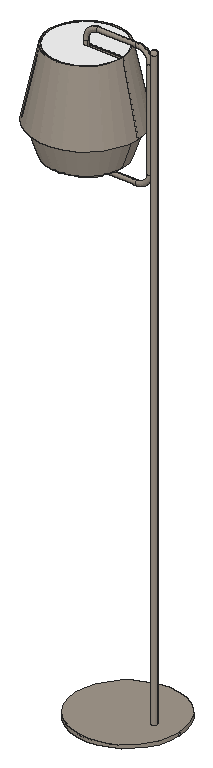
Revit family "Lighting_Floor-Mounted_Zero_Elements_Floor", category Lighting Fixtures, Revit 2020
Family settings
  Round Connector Dimension = Use Diameter
  Part Type = Normal
  OmniClass Number = 23.80.70.00
  OmniClass Title = Lighting
  Work Plane-Based = No
  Always vertical = Yes
  Cut with Voids When Loaded = No
  Light Source = Yes
  Shared = No
  Room Calculation Point = No
Parameters (values of type "E27/Max 42W Apricot")
  Youtube clip = ""
  Weight Net (Kg) = "4.6"
  Wattage = 4.77306 W
  WarrantyStartDate [instance] = "n/a"
  WarrantyGuarantorParts = "n/a"
  WarrantyGuarantorLabor = "n/a"
  WarrantyDurationUnit = "Year"
  WarrantyDurationParts = "n/a"
  WarrantyDurationLabor = "n/a"
  WarrantyDescription = "n/a"
  built-in parameter 1150110 = 1 (stored number, unit not read)
  VersionDate = "31/08/2023"  # constant formula
  Version = "3"  # constant formula
  UsageCurrent = 0 A
  Uniformat II Description = ""
  Uniformat II Code = ""
  Uniclass2015Reference = "Pr_70_70_48_32"
  Uniclass2015Description = "Free standing luminaires"
  Uniclass2 = "Pr_70_70_48_32"
  Uniclass 2015 Name = ""
  Uniclass 2015 Code = ""
  Uniclass 2.0 Description = ""
  Uniclass 2.0 Code = ""
  Uniclass 1.4 Description = ""
  Uniclass 1.4 Code = ""
  URL = "https://www.zerolighting.com/elements-inomgo/"
  UNSPSC Code = ""
  TotalWattage = 9 W
  built-in parameter 1114217 = 1 (stored number, unit not read)
  Tilt Angle = 90.00°
  built-in parameter 1150109 = 1 (stored number, unit not read)
  built-in parameter 1150134 = (empty or 0)
  Technical description = ""
  TagNumber [instance] = "n/a"
  SustainabilityPerformance = "n/a"
  built-in parameter 1150113 = 1 (stored number, unit not read)
  Size = "351x250x1470 mm"
  Shape = "Sculptured"
  SerialNumber [instance] = "n/a"
  Revision = "5"  # constant formula
  ReplacementCost = "n/a"
  Region South America = "None"
  Region Oceania = "AU, NZ"
  Region North America = "BZ, CR, GT, HN, MX, NI, PA, SV, US"
  Region Middle East = "AE"
  Region Europe = "AD, AL, AT, AX, BA, BE, BG, BY, CH, CY, CZ, DE, DK, EE, ES, FI, FO, FR, GB, GG, GI, GR, HR, HU, IE, IM, IS, IT, JE, LI, LT, LU, LV, MC, MD, ME, MK, MT, NL, NO, PL, PT, RO, RS, RU, SE, SI, SJ, SK, SM, UA, VA"
  Region Asia = "HK, JP, SG"
  Region Antarctica = "None"
  Region Africa = "None"
  ProductInformation = "Elements is a complete family originating from Note Design Studio´s fascination for the Nordic mountains and its light. Dawn, dusk, midnight sun. Glittering lakes, wilderness and flora. Elements simple shapes direct the light and well-balanced materials give the design elasticity and great usability."
  Product group = "Floor fixture"
  Product family = "Elements"
  Product certification = ""
  Product SKU = "Elements_floor_fixture"
  Product Guid = "3d4116c3-3374-4d01-bf76-08bd29711938"
  Photometric Web File = "Elements83331.IES"
  PhaseReference = "n/a"
  PhaseAngle = 0.00°
  OmniClass Description = ""
  OmniClass Code = ""
  NumberOfSources = 0
  NumberOfPoles = 1
  NominalVoltageCalc = 0 V
  NominalVoltage = 230 V
  NominalLength = 351 mm
  NominalFrequencyRange = 50 Hz
  NominalCurrent = 0 A
  Nominal width = 250 mm
  Nominal height = 1470 mm
  Name = "Zero_Elements_Floor"  # constant formula
  NBSReference = "90-60-45/405"
  NBSDescription = "General purpose luminaires"
  NBS Reference Description = ""
  NBS Reference Code = ""
  ModelReference = "n/a"
  ModelNumber = ArticleNumber  # "8333-1-17"
  Model = "Elements floor E27/Max 42W Apricot"
  Material secondary = "Steel"
  Material main = "Fabric"
  Material = "Fabric"
  Masterformat 2014 Description = ""
  Masterformat 2014 Code = ""
  ManufacturersSpecificInformation = "n/a"
  ManufacturerURL = "https://www.zerolighting.com/"
  ManufacturerName = "Zero"
  Manufacturer name = "ZERO"
  Manufacturer country = "Sweden"
  Manufacturer = "Zero"
  MaintenanceFactor = 0
  Lumens = 709 lm
  built-in parameter 1150115 = 1 (stored number, unit not read)
  built-in parameter 1150105 = 56.42 (stored number, unit not read)
  LightFixtureSecondaryMaterial = Apricot Steel
  LightFixturePlacingType = "Floor"
  LightFixtureMountingType = "Surface"
  LightFixtureMainMaterial = Kvadrat Time Apricot 300/643
  built-in parameter 1150137 = (empty or 0)
  built-in parameter 1150139 = (empty or 0)
  LensMaterial = Matt Acrylic
  built-in parameter 1150112 = 1 (stored number, unit not read)
  built-in parameter 1150114 = 1 (stored number, unit not read)
  InsulationStandardClass = "n/a"
  InstallationDate [instance] = "n/a"
  Installation instructions = ""
  built-in parameter 1150132 = 2
  built-in parameter 1150102 = (empty or 0)
  built-in parameter 1150138 = (empty or 0)
  built-in parameter 1150107 = 3000 (stored number, unit not read)
  built-in parameter 1150106 = 0.5642 (stored number, unit not read)
  IfcExportType = "NOTDEFINED"  # constant formula
  IfcExportAs = "IfcLightFixtureType"  # constant formula
  IP_Code = "IP20"
  IFC Classification = ""
  HasProtectiveEarth = no
  Grade = "n/a"
  GTIN code = ""
  Finish = "Shade in fabric, floor stand in painted steel"
  Features = "2,5 m textile cable with switch and plug"
  ExpectedLife = "n/a"
  Emit from Circle Diameter = 609.6 mm
  Emit Shape Visible in Rendering = no
  ElectricalDeviceNominalPower = 0
  built-in parameter 1150104 = 13.8 (stored number, unit not read)
  Edition number = 1
  EANNumber = "n/a"
  DurationUnit = "Year"
  Dimming Lamp Color Temperature Shift = <None>
  Designer = "Note Design Studio"
  Design country = "Sweden"
  Description = ""
  DefaultElevation = 0 mm
  Default Elevation = 0 mm
  Date of publishing = ""
  Constituents = "n/a"
  Color Filter = 16777215
  Color = "Apricot"
  Collection = "Elements"
  CodePerformance = "n/a"
  Category = "Floor"
  COBIe Type Category = ""
  Brand url = "http://www.zero.se"
  Brand = "Zero"
  Barcode [instance] = "n/a"
  built-in parameter 1114218 = 1 (stored number, unit not read)
  BIMObjectName = "Lighting_Floor-Mounted_Zero_Elements_Floor"  # constant formula
  Author = "BIMstone"  # constant formula
  built-in parameter 1150133 = 10 (stored number, unit not read)
  AssetType = "Movable"
  AssetIdentifier [instance] = "n/a"
  ArticleNumber = "8333-1-17"
  AccessibilityPerformance = "n/a"
Types (3, lengths in mm): name | ModelNumber | Model | LightFixtureSecondaryMaterial | LightFixtureMainMaterial | Color | ArticleNumber
  E27/Max 42W White | "8333-1-01" | "Elements floor E27/Max 42W White" | White steel | Kinnasand Chico White | "White" | "8333-1-01"
  E27/Max 42W Blue | "8333-1-08" | "Elements floor E27/Max 42W Blue" | Blue Steel | Kvadrat Time Blue 300/683 | "Blue" | "8333-1-08"
  E27/Max 42W Apricot | "8333-1-17" | "Elements floor E27/Max 42W Apricot" | Apricot Steel | Kvadrat Time Apricot 300/643 | "Apricot" | "8333-1-17"
Reference planes
  plane 1 "Light Source Axis (F/B)": y = -86.479
  plane 2: z = 0
  plane 3 "Light Source Axis (L/R)": x = 0
  plane 4 "Light Source Elevation": z = 1367.374
  plane 5: x = 175.5
  plane 6: x = -175.5
  plane 7: z = 1470
  plane 8: y = 38.521
  plane 9: y = -211.479
Forms (mm)
  Extrusion 1, solid, material "Kvadrat Time Apricot 300/643" <- "LightFixtureMainMaterial", detail levels coarse
    sketch origin (0, 0, 0) x (1, 0, 0) y (0, 1, 0)
      loop
        line (-175.5, -211.479) -> (175.5, -211.479) -> (175.5, 38.521) -> (-175.5, 38.521) -> (-175.5, -211.479)
    from 0 to 1470
Dimensions and locks
  equal spacing: plane 6, plane 3 "Light Source Axis (L/R)", plane 5
  "NominalLength": plane 6 to plane 5
  plane 7 to level = 1470 mm
  equal spacing: plane 8, plane 1 "Light Source Axis (F/B)", plane 9
  plane 8 to plane 9 = 250 mm
  aligned and locked: plane 1 "Light Source Axis (F/B)" to imposter light
  aligned and locked: plane 4 "Light Source Elevation" to imposter light
  aligned and locked: level to plane 2
  aligned and locked: plane 7 to Extrusion 1
  aligned and locked: Extrusion 1 to level
  aligned and locked: Extrusion 1 to plane 9
  aligned and locked: plane 8 to Extrusion 1
  aligned and locked: plane 6 to Extrusion 1
  aligned and locked: Extrusion 1 to plane 5
Automatic sketch dimensions
  Extrusion 1 sketch curve to plane 6 = 0 mm
  Extrusion 1 sketch curve to plane 5 = 0 mm
  plane 1 "Light Source Axis (F/B)" to Extrusion 1 sketch curve = 125 mm
  Extrusion 1 sketch curve to Extrusion 1 sketch curve = 250 mm
Nested families
  nested 1: "elements_floor" at (0, -86.479, 0), Lens <- "LensMaterial", Main <- "LightFixtureMainMaterial", Steel <- "LightFixtureSecondaryMaterial", type "elements_floor"
    with Steel Apricot Steel, Main Kvadrat Time Apricot 300/643, Lens Matt Acrylic
Connectors
  electrical at (175.5, -86.479, 3.567), driven by "NominalVoltage"
    settings: on nested 1, index 1, voltage 230 V, apparent load 0 VA, apparent load phase1 0 VA, apparent load phase2 0 VA, apparent load phase3 0 VA, power factor 1, load classification "Other", number of poles 1, system type 31, power factor state 1, is connector primary yes, connector utility no, sub classification motor no, connector description ""
Definition of nested family "elements_floor"
  Parameters (values of type "elements_floor")
    Steel [instance] = none
    Main [instance] = none
    Lens [instance] = none
    Default Elevation = 0 mm
  Reference planes
    plane 1 "Center (Front/Back)": y = 0
    plane 2: z = 0
    plane 3 "Center (Left/Right)": x = 0
    plane 4: x = -175.5
    plane 5: x = 175.5
    plane 6: z = 1427.203
  Forms (mm)
    Revolve 1, solid, material <- "Main", detail levels medium+fine
      sketch origin (-50.5, 0, 1187.203) x (1, 0, 0) y (0, 0, 1)
        loop
          line (0, 0) -> (88.253, 0) -> (90.203, 1.637) -> (115.401, 74.817) -> (125, 74.817) -> (89.441, 240) -> (87.019, 240) -> (87.019, 237) -> (121.285, 77.817) -> (113.261, 77.817) -> (87.5, 3) -> (0, 3) -> (0, 0)
        axis (0, 240) -> (0, 0)
      angle from 0 to 360
    Extrusion 2, solid, material <- "Steel", detail levels medium+fine
      sketch origin (0, 0, 0) x (1, 0, 0) y (0, 1, 0)
        loop
          circle (50.5, 0) r 125
      from 0 to 8.027
    Revolve 3, solid, material <- "Steel", detail levels medium+fine
      sketch origin (0, 0, 0) x (1, 0, 0) y (0, 0, 1)
        loop
          line (122.585, 8) -> (122.585, 1463)
          arc (122.585, 1463) -> (120.502, 1467.982) -> (115.494, 1470) r 7.001
          line (115.494, 1470) -> (115.494, 5.849) -> (122.585, 5.849) -> (122.585, 8)
        axis (115.494, 5.849) -> (115.494, 1470)
      angle from 0 to 360
    Sweep 4, solid, material <- "Steel", detail levels medium+fine
      path origin (0, 0, 0) x (1, 0, 0) y (0, 0, 1)
        loop
          line (-50.486, 1409) -> (-50.486, 1438.009)
          arc (-50.486, 1438.009) -> (-41.7, 1459.218) -> (-20.488, 1468) r 29.991
          line (-20.488, 1468) -> (74.543, 1468)
          arc (74.543, 1468) -> (95.743, 1459.211) -> (104.504, 1438) r 29.961
          line (104.504, 1438) -> (104.504, 1198)
          arc (104.504, 1198) -> (95.717, 1176.787) -> (74.504, 1168) r 30
          line (74.504, 1168) -> (-20.488, 1168)
          arc (-20.488, 1168) -> (-41.72, 1176.784) -> (-50.542, 1198) r 30.054
          line (-50.542, 1198) -> (-50.542, 1225.974)
      profile origin (-50.486, 0, 1423.504) x (-1, 0, 0) y (0, -1, 0)
        loop
          circle (0, 0) r 5
    Extrusion 5, solid, material <- "Lens", detail levels medium+fine
      sketch origin (0, 0, 0) x (1, 0, 0) y (0, 1, 0)
        loop
          line (-50.542, 5.016) -> (36.374, 5.016)
          arc (36.374, 5.016) -> (-53.009, 86.982) -> (-137.519, 0) r 87.019
          arc (-137.519, 0) -> (-53.001, -86.983) -> (36.375, -5) r 87.019
          line (36.375, -5) -> (-50.542, -5)
          arc (-50.542, -5) -> (-55.55, 0.008) -> (-50.542, 5.016) r 5.008
      from 1424.203 to 1427.203
    Extrusion 6, solid, detail levels medium+fine
      sketch origin (0, 0, 0) x (0, 1, 0) y (0, 0, 1)
        loop
          circle (0, 3.567) r 3.143
      from 165.716 to 175.5
  Cuts and joins
    joined: Extrusion 2, Revolve 3
  Lines and regions (mm)
    symbolic lines, detail levels medium+fine
      curve 1: line (0, 125, 1262.02) -> (0, 115.336, 1262.02)
      curve 2: line (0, 88.253, 1187.203) -> (0, 7.091, 1187.203)
      curve 3: line (0, 115.336, 1262.02) -> (0, 90.203, 1188.84)
      curve 4: line (0, 90.203, 1188.84) -> (0, 88.253, 1187.203)
      curve 7: line (0, 125, 1262.02) -> (0, 89.441, 1427.203)
      curve 8: line (0, -125, 1262.02) -> (0, -115.336, 1262.02)
      curve 9: line (0, -89.441, 1427.203) -> (0, -6.977, 1427.203)
      curve 10: line (0, -88.253, 1187.203) -> (0, -7.091, 1187.203)
      curve 11: line (0, -115.336, 1262.02) -> (0, -90.203, 1188.84)
      curve 12: line (0, -90.203, 1188.84) -> (0, -88.253, 1187.203)
      curve 15: line (0, -125, 1262.02) -> (0, -89.441, 1427.203)
      curve 19: line (-165.901, 0, 1262.02) -> (-140.703, 0, 1188.84)
      curve 20: line (-140.703, 0, 1188.84) -> (-138.753, 0, 1187.203)
      curve 21: line (-139.941, 0, 1427.203) -> (-55.704, 0, 1427.203)
      curve 24: line (-165.901, 0, 1262.02) -> (-175.5, 0, 1262.02)
      curve 27: line (-175.5, 0, 1262.02) -> (-139.941, 0, 1427.203)
      curve 28: line (175.5, 0, 8.027) -> (122.5, 0, 8.027)
      curve 29: line (-74.5, 0, 0) -> (175.5, 0, 0)
      curve 30: line (108.488, 0, 8.027) -> (108.488, 0, 1190.44)
      curve 31: line (122.5, 0, 8.027) -> (122.5, 0, 1463.027)
      curve 32: line (108.488, 0, 8.027) -> (-74.5, 0, 8.027)
      curve 34: line (-74.5, 0, 8.027) -> (-74.5, 0, 0)
      curve 35: line (175.5, 0, 8.027) -> (175.5, 0, 0)
      curve 36: line (108.444, 0, 1463.027) -> (108.444, 0, 1445.822)
      curve 37: arc (122.5, 0, 1463.027) -> (115.472, 0, 1470.055) -> (108.444, 0, 1463.027) r 7.028
      curve 38: line (-20.531, 0, 1163.027) -> (74.666, 0, 1163.027)
      curve 39: arc (74.666, 0, 1163.027) -> (96.434, 0, 1170.741) -> (108.488, 0, 1190.44) r 34.571
      curve 40: arc (-53.796, 0, 1187.203) -> (-41.092, 0, 1169.71) -> (-20.531, 0, 1163.027) r 34.975
      curve 45: line (-21.332, 0, 1473.023) -> (75.482, 0, 1473.023)
      curve 46: arc (75.482, 0, 1473.023) -> (96.85, 0, 1465.344) -> (108.444, 0, 1445.822) r 33.573
      curve 50: arc (-55.704, 0, 1439.2) -> (-45.443, 0, 1463.149) -> (-21.332, 0, 1473.023) r 34.376
      curve 52: line (-55.704, 0, 1439.2) -> (-55.704, 0, 1427.203)
      curve 53: line (-53.796, 0, 1187.203) -> (-138.753, 0, 1187.203)
      curve 57: line (0, 7.023, 1427.203) -> (0, 7.023, 1463.203)
      curve 58: line (0, -6.977, 1463.203) -> (0, -6.977, 1427.203)
      curve 59: arc (0, 7.023, 1463.203) -> (0, 6.502, 1465.853) -> (0, 5.016, 1468.109) r 7
      curve 62: arc (0, 5.016, 1468.109) -> (0, -0.008, 1473.117) -> (0, -5, 1468.078) r 5.008
      curve 63: arc (0, -5, 1468.078) -> (0, -6.464, 1465.833) -> (0, -6.977, 1463.203) r 7
      curve 64: line (0, 7.023, 1427.203) -> (0, 89.441, 1427.203)
      curve 66: line (0, 7.091, 8.027) -> (0, 7.091, 1187.203)
      curve 67: line (0, -7.091, 8.027) -> (0, -7.091, 1187.203)
      curve 73: line (0, 125, 8.027) -> (0, 7.091, 8.027)
      curve 74: line (0, -125, 0) -> (0, 125, 0)
      curve 75: line (0, 125, 8.027) -> (0, 125, 0)
      curve 76: line (0, -125, 8.027) -> (0, -125, 0)
      curve 78: line (0, -7.091, 8.027) -> (0, -125, 8.027)
      curve 79: arc (175.404, -0.101, 0) -> (118.976, 104.427, 0) -> (0.626, 114.602, 0) r 125.027
      curve 95: arc (0.003, 114.33, 0) -> (-175.545, 0.004, 0) -> (0.008, -114.315, 0) r 125
      curve 97: arc (0.853, -114.685, 0) -> (119.052, -104.501, 0) -> (175.404, -0.101, 0) r 124.885
    symbolic lines, detail levels fine
      curve 5: line (0, 90.203, 1188.84) -> (0, 0, 1188.84)
      curve 6: line (0, 115.336, 1262.02) -> (0, 0, 1262.02)
      curve 13: line (0, -90.203, 1188.84) -> (0, 0, 1188.84)
      curve 14: line (0, -115.336, 1262.02) -> (0, 0, 1262.02)
      curve 16: line (74.5, 0, 1262.02) -> (64.901, 0, 1262.02)
      curve 17: line (37.753, 0, 1187.203) -> (-43.02, 0, 1187.203)
      curve 18: line (-140.703, 0, 1188.84) -> (39.703, 0, 1188.84)
      curve 22: line (64.901, 0, 1262.02) -> (39.703, 0, 1188.84)
      curve 23: line (39.703, 0, 1188.84) -> (37.753, 0, 1187.203)
      curve 25: line (64.901, 0, 1262.02) -> (-165.901, 0, 1262.02)
      curve 26: line (74.5, 0, 1262.02) -> (38.941, 0, 1427.203)
      curve 33: line (122.5, 0, 8.027) -> (108.488, 0, 8.027)
      curve 41: line (-20.531, 0, 1173.027) -> (74.666, 0, 1173.027)
      curve 42: arc (-43.02, 0, 1187.203) -> (-33.823, 0, 1176.867) -> (-20.531, 0, 1173.027) r 24.928
      curve 43: arc (74.666, 0, 1173.027) -> (92.197, 0, 1180.289) -> (99.458, 0, 1197.82) r 24.792
      curve 44: line (99.458, 0, 1197.82) -> (99.458, 0, 1437.82)
      curve 47: arc (99.458, 0, 1437.82) -> (92.027, 0, 1455.761) -> (74.085, 0, 1463.193) r 25.373
      curve 48: line (74.085, 0, 1463.193) -> (-21.332, 0, 1463.193)
      curve 49: arc (-21.332, 0, 1463.193) -> (-38.298, 0, 1456.166) -> (-45.325, 0, 1439.2) r 23.993
      curve 51: line (-45.325, 0, 1439.2) -> (-45.325, 0, 1427.203)
      curve 54: line (-43.02, 0, 1187.203) -> (-53.796, 0, 1187.203)
      curve 55: line (-55.704, 0, 1427.203) -> (-45.325, 0, 1427.203)
      curve 56: line (-45.325, 0, 1427.203) -> (38.941, 0, 1427.203)
      curve 60: line (0, 5.016, 1427.203) -> (0, 5.016, 1468.109)
      curve 61: line (0, -5, 1427.203) -> (0, -5, 1468.078)
      curve 65: line (0, -6.977, 1427.203) -> (0, 7.023, 1427.203)
      curve 68: line (0, 5.056, 1187.203) -> (0, 5.056, 1167.724)
      curve 69: line (0, -4.944, 1167.724) -> (0, -4.944, 1187.203)
      curve 70: arc (0, 5.056, 1167.724) -> (0, 0.056, 1162.724) -> (0, -4.944, 1167.724) r 5
      curve 71: line (0, 7.091, 1187.203) -> (0, 0, 1187.203)
      curve 72: line (0, -7.091, 1187.203) -> (0, 0, 1187.203)
      curve 77: line (0, 7.091, 8.027) -> (0, -7.091, 8.027)
      curve 80: arc (122.585, 0, 0) -> (116.792, 6.971, 0) -> (108.878, 2.551, 0) r 7.091
      curve 81: arc (108.403, 0, 0) -> (108.526, -1.314, 0) -> (108.89, -2.583, 0) r 7.091
      curve 82: arc (40.318, 5.055, 0) -> (-141.461, -0.009, 0) -> (40.317, -5.107, 0) r 90.96
      curve 83: arc (-50.5, 5.055, 0) -> (-55.548, 0.006, 0) -> (-50.5, -5.042, 0) r 5.048
      curve 84: line (-50.5, 5.055, 0) -> (36.857, 5.055, 0)
      curve 85: line (-50.5, -5.042, 0) -> (36.851, -5.042, 0)
      curve 86: line (36.847, -5.107, 0) -> (40.317, -5.107, 0)
      curve 87: line (36.857, 5.055, 0) -> (40.318, 5.055, 0)
      curve 88: arc (36.857, 5.055, 0) -> (-137.991, 0.138, 0) -> (36.847, -5.107, 0) r 87.496
      curve 89: line (40.318, 5.055, 0) -> (104.5, 5.055, 0)
      curve 90: line (40.317, -5.107, 0) -> (104.5, -5.107, 0)
      curve 91: arc (104.5, 5.055, 0) -> (107.022, 4.385, 0) -> (108.878, 2.551, 0) r 5.081
      curve 92: arc (108.878, 2.551, 0) -> (108.523, 1.298, 0) -> (108.403, 0, 0) r 7.091
      curve 93: arc (108.89, -2.583, 0) -> (107.032, -4.431, 0) -> (104.5, -5.107, 0) r 5.081
      curve 94: arc (108.89, -2.583, 0) -> (116.808, -6.968, 0) -> (122.585, 0, 0) r 7.091
      curve 96: arc (0.008, -114.315, 0) -> (52.785, -70.335, 0) -> (74.35, -5.107, 0) r 125
      curve 98: arc (74.353, 5.055, 0) -> (52.802, 70.323, 0) -> (0.003, 114.33, 0) r 125
  Dimensions and locks
    equal spacing: plane 4, plane 3 "Center (Left/Right)", plane 5
    plane 4 to plane 5 = 351 mm
    aligned and locked: level to plane 2
    aligned and locked: curve 28 to cut or joined group of Extrusion 2, Revolve 3
    aligned and locked: curve 29 to cut or joined group of Extrusion 2, Revolve 3
    aligned and locked: curve 73 to cut or joined group of Extrusion 2, Revolve 3
    aligned and locked: curve 74 to cut or joined group of Extrusion 2, Revolve 3
    aligned and locked: curve 80 to cut or joined group of Extrusion 2, Revolve 3
    aligned and locked: curve 81 to cut or joined group of Extrusion 2, Revolve 3
  Automatic sketch dimensions
    plane 1 "Center (Front/Back)" to Extrusion 2 sketch curve = 0 mm
    plane 3 "Center (Left/Right)" to Extrusion 2 sketch curve = 50.5 mm
    plane 1 "Center (Front/Back)" to Sweep 4 sketch curve = 0 mm
    Sweep 4 sketch curve to profile plane = 0 mm
    Sweep 4 sketch curve to plane 3 "Center (Left/Right)" = 50.542 mm
    Sweep 4 sketch curve to plane 3 "Center (Left/Right)" = 50.486 mm
    Sweep 4 sketch curve to plane 3 "Center (Left/Right)" = 20.495 mm
    Sweep 4 sketch curve to plane 3 "Center (Left/Right)" = 20.488 mm  (x2)
    plane 3 "Center (Left/Right)" to Sweep 4 sketch curve = 74.504 mm
    Sweep 4 sketch curve to Sweep 4 sketch curve = 29.961 mm
    level to Sweep 4 sketch curve = 1168 mm
    Sweep 4 sketch curve to Sweep 4 sketch curve = 30 mm  (x2)
    Sweep 4 sketch curve to Sweep 4 sketch curve = 240 mm
    Sweep 4 sketch curve to Sweep 4 sketch curve = 0.009 mm
    Sweep 4 sketch curve to Sweep 4 sketch curve = 27.974 mm
    Sweep 4 sketch curve to Sweep 4 sketch curve = 29.009 mm
    Revolve 1 sketch curve to plane 6 = 0 mm
    Revolve 1 sketch curve to plane 3 "Center (Left/Right)" = 50.5 mm
    Revolve 1 sketch curve to plane 6 = 3 mm
    plane 3 "Center (Left/Right)" to Revolve 1 sketch curve = 36.519 mm
    plane 3 "Center (Left/Right)" to Revolve 1 sketch curve = 37 mm
    Revolve 1 sketch curve to Revolve 1 sketch curve = 0.753 mm
    Revolve 1 sketch curve to Revolve 1 sketch curve = 2.423 mm
    Revolve 1 sketch curve to Revolve 1 sketch curve = 1.951 mm
    plane 3 "Center (Left/Right)" to Revolve 1 sketch curve = 62.761 mm
    Revolve 1 sketch curve to Revolve 1 sketch curve = 2.14 mm
    Revolve 1 sketch curve to Revolve 1 sketch curve = 5.884 mm
    Revolve 1 sketch curve to Revolve 1 sketch curve = 3.715 mm
    Revolve 1 sketch curve to plane 6 = 162.183 mm
    Revolve 1 sketch curve to Revolve 1 sketch curve = 3 mm  (x2)
    Revolve 1 sketch curve to Revolve 1 sketch curve = 74.817 mm
    Revolve 1 sketch curve to Revolve 1 sketch curve = 1.363 mm
    Revolve 1 sketch curve to Revolve 1 sketch curve = 0 mm  (x2)
    Revolve 1 sketch curve to plane 6 = 4.6 mm
    Extrusion 5 sketch curve to Extrusion 5 sketch curve = 0 mm
    plane 1 "Center (Front/Back)" to Extrusion 5 sketch curve = 0 mm
    plane 1 "Center (Front/Back)" to Extrusion 5 sketch curve = 5 mm
    Extrusion 5 sketch curve to plane 3 "Center (Left/Right)" = 50.542 mm
    Extrusion 5 sketch curve to Extrusion 5 sketch curve = 0.042 mm
    Extrusion 5 sketch curve to plane 1 "Center (Front/Back)" = 5.016 mm
    plane 3 "Center (Left/Right)" to Extrusion 5 sketch curve = 36.374 mm
    curve 24 to plane 4 = 0 mm
    curve 35 to plane 5 = 0 mm
    plane 4 to curve 25 = 9.599 mm
    plane 4 to curve 18 = 34.797 mm
    plane 4 to curve 27 = 35.559 mm
    curve 18 to curve 53 = 1.951 mm
    curve 34 to plane 3 "Center (Left/Right)" = 74.5 mm
    curve 51 to plane 3 "Center (Left/Right)" = 45.325 mm
    curve 49 to plane 3 "Center (Left/Right)" = 21.332 mm
    curve 49 to curve 50 = 0 mm
    curve 42 to plane 3 "Center (Left/Right)" = 20.531 mm
    curve 40 to curve 42 = 0 mm
    plane 3 "Center (Left/Right)" to curve 23 = 37.753 mm
    plane 3 "Center (Left/Right)" to curve 56 = 38.941 mm
    curve 17 to curve 23 = 1.951 mm
    plane 3 "Center (Left/Right)" to curve 22 = 64.901 mm
    curve 56 to curve 47 = 35.144 mm
    curve 16 to curve 26 = 9.599 mm
    curve 18 to curve 39 = 34.963 mm
    curve 41 to curve 38 = 0 mm
    curve 48 to curve 45 = 1.397 mm
    curve 43 to curve 44 = 24.792 mm
    curve 47 to curve 36 = 8.986 mm
    curve 30 to plane 5 = 67.012 mm
    curve 37 to curve 37 = 7.028 mm
    curve 32 to curve 38 = 1155 mm
    curve 38 to curve 41 = 10 mm
    curve 42 to curve 53 = 14.175 mm
    curve 17 to curve 22 = 1.637 mm
    curve 30 to curve 44 = 7.38 mm
    curve 41 to curve 42 = 24.928 mm
    curve 42 to curve 40 = 0.047 mm
    curve 18 to curve 19 = 73.18 mm
    curve 19 to curve 21 = 165.183 mm
    curve 56 to curve 44 = 10.617 mm
    curve 50 to curve 49 = 0.553 mm
    curve 47 to curve 46 = 1.63 mm
    curve 47 to curve 36 = 8.003 mm
    curve 36 to curve 36 = 17.205 mm
    curve 50 to curve 51 = 10.379 mm
    Revolve 3 sketch curve to plane 5 = 60.006 mm
    Revolve 3 sketch curve to Revolve 3 sketch curve = 0.09 mm
    level to Revolve 3 sketch curve = 5.849 mm
    Revolve 3 sketch curve to Revolve 3 sketch curve = 2.151 mm
    Revolve 3 sketch curve to Revolve 3 sketch curve = 1455 mm
    Revolve 3 sketch curve to Revolve 3 sketch curve = 7 mm
    Revolve 3 sketch curve to Revolve 3 sketch curve = 7.091 mm
    Revolve 3 sketch curve to Revolve 3 sketch curve = 0 mm
    Revolve 3 sketch curve to Revolve 3 sketch curve = 27.849 mm
    curve 59 to curve 63 = 0 mm  (x2)
    curve 74 to level = 0 mm
    curve 5 to plane 1 "Center (Front/Back)" = 0 mm
    curve 6 to plane 1 "Center (Front/Back)" = 0 mm
    curve 71 to plane 1 "Center (Front/Back)" = 0 mm
    plane 1 "Center (Front/Back)" to curve 69 = 4.944 mm
    plane 1 "Center (Front/Back)" to curve 61 = 5 mm
    curve 58 to curve 61 = 1.977 mm
    curve 10 to curve 69 = 2.147 mm
    curve 10 to curve 10 = 81.162 mm
    curve 15 to curve 9 = 82.465 mm
    curve 12 to curve 10 = 1.951 mm
    curve 8 to curve 11 = 25.133 mm
    curve 15 to curve 8 = 9.664 mm
    curve 62 to plane 1 "Center (Front/Back)" = 0.008 mm
    curve 59 to plane 1 "Center (Front/Back)" = 0.023 mm
    curve 70 to plane 1 "Center (Front/Back)" = 0.056 mm
    curve 62 to curve 60 = 5.008 mm
    curve 68 to curve 2 = 2.035 mm
    curve 2 to curve 4 = 81.162 mm
    curve 57 to curve 64 = 82.418 mm
    curve 2 to curve 5 = 1.951 mm
    curve 3 to curve 1 = 25.133 mm
    curve 66 to curve 74 = 117.909 mm
    curve 1 to curve 7 = 9.664 mm
    level to curve 75 = 8.027 mm
    curve 67 to curve 69 = 1159.697 mm
    curve 69 to curve 72 = 19.478 mm
    curve 71 to curve 13 = 1.637 mm
    curve 3 to curve 1 = 73.18 mm
    curve 6 to curve 65 = 165.183 mm
    curve 60 to curve 59 = 36 mm
    curve 76 to curve 67 = 117.909 mm
    Extrusion 6 sketch curve to plane 1 "Center (Front/Back)" = 0 mm
    level to Extrusion 6 sketch curve = 3.567 mm
    curve 91 to curve 93 = 0 mm  (x2)
    curve 89 to curve 92 = 3.903 mm
    curve 87 to plane 1 "Center (Front/Back)" = 5.055 mm
    plane 1 "Center (Front/Back)" to curve 90 = 5.107 mm
    curve 90 to curve 82 = 0.001 mm
    curve 84 to curve 87 = 3.461 mm
    curve 86 to curve 86 = 3.469 mm
    curve 88 to plane 1 "Center (Front/Back)" = 0.056 mm
    plane 1 "Center (Front/Back)" to curve 82 = 0.017 mm
    curve 96 to plane 1 "Center (Front/Back)" = 0.006 mm
    curve 96 to curve 83 = 0.045 mm
    curve 85 to curve 82 = 5.024 mm
    plane 1 "Center (Front/Back)" to curve 93 = 0.026 mm
    curve 86 to curve 85 = 0.004 mm
    plane 3 "Center (Left/Right)" to curve 79 = 0.626 mm
    plane 3 "Center (Left/Right)" to curve 95 = 0.003 mm
    plane 3 "Center (Left/Right)" to curve 95 = 0.008 mm
    curve 82 to curve 83 = 0.001 mm
    curve 79 to curve 97 = 0 mm
    plane 1 "Center (Front/Back)" to curve 79 = 0.101 mm
    curve 79 to curve 97 = 0.142 mm
    plane 3 "Center (Left/Right)" to curve 97 = 0.853 mm
    curve 97 to plane 5 = 0.096 mm
    curve 95 to curve 96 = 0 mm
    curve 95 to curve 98 = 0 mm  (x2)
    curve 86 to curve 79 = 10.06 mm
    curve 96 to curve 98 = 0 mm
    curve 88 to plane 3 "Center (Left/Right)" = 50.496 mm
    radius of Extrusion 2 sketch curve = 125 mm
    radius of Sweep 4 sketch curve = 5 mm
    radius of Extrusion 6 sketch curve = 3.143 mm
    radius of curve 95 = 125 mm
